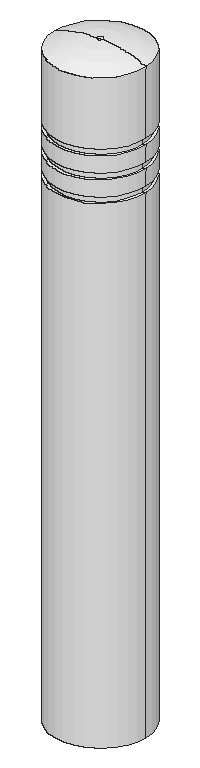
Revit family
Parameters
  Radius = 75 mm
  Material Bollard = Metal - Stainless Steel
  Keynote = "Q"
  Height = 1000 mm
  Bollard Diameter = Radius * 2  # 150 mm
Reference planes
  plane 1 "Center (Front/Back)": y = -4.211
  plane 2: z = 0
  plane 3 "Center (Left/Right)": x = -4.546
  plane 4: y = 45.789
  plane 5: y = -54.211
  plane 6: x = -54.546
  plane 7: x = 45.454
  plane 8: z = 1000
Forms (mm)
  Revolve 1, solid, material "Metal - Stainless Steel" <- "Material Bollard"
    sketch origin (0, -4.211, 0) x (1, 0, 0) y (0, 0, 1)
      loop
        line (-79.546, 0) -> (-4.546, 0) -> (-4.546, 1000) -> (-9.546, 1000)
        arc (-9.546, 1000) -> (-45.377, 996.117) -> (-79.546, 984.65) r 167.28
        line (-79.546, 984.65) -> (-79.546, 880) -> (-74.546, 880) -> (-74.546, 870) -> (-79.546, 870) -> (-79.546, 845) -> (-74.546, 845) -> (-74.546, 835) -> (-79.546, 835) -> (-79.546, 810) -> (-74.546, 810) -> (-74.546, 800) -> (-79.546, 800) -> (-79.546, 0)
      axis (-4.546, 1000) -> (-4.546, 0)
    angle from 0 to 360
